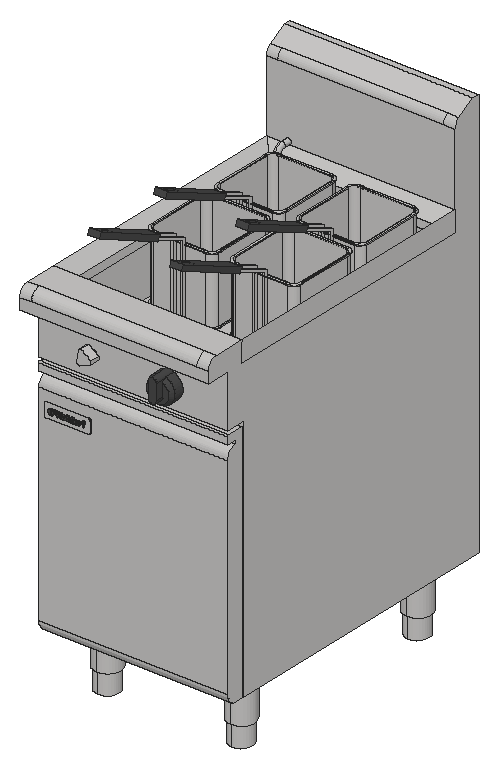
Revit family "QF_MOFFAT WALDORF_PC8140G", category Specialty Equipment, Revit 2012
Parameters
  Weight in Pounds = 180.7788  # constant formula
  Width [instance] = 17.71654"  # constant formula
  URL Cutsheet = "www.moffat.com"
  URL = "www.moffat.com"
  Type Mark [instance] = ""
  Status [instance] = ""
  Show 4 Basket [instance] = not(Show Rectangular Basket)  # yes
  Specification by User [instance] = ""
  Specification by Manufacturer = ""
  Show Rectangular Basket [instance] = no
  Show Logo [instance] = yes
  Show Clearance [instance] = yes
  Show Casters [instance] = no
  Serial Number = ""
  Seismic Rating = ""
  SMACNA No = ""
  Revision Code [instance] = ""
  Omniclass Number and Title = ""
  NAFEM Spec ID Number = ""
  Model = "PC8140G"
  Mechanical Remarks = ""
  Masterspec = ""
  Manufacturer = "MOFFAT WALDORF"
  Legs [instance] = not(Show Casters)  # yes
  Item Number [instance] = ""
  Installed By [instance] = ""
  Indirect Waste Size = 1"
  Identify Quantity as Lot [instance] = yes
  Height = 44.48819"  # constant formula
  Gas Size = 3/4"
  Gas RI Height = 0"
  Gas KW = 13
  Gas Input = 44547.0 Btu/h
  Gas Connection Height = 0"
  Furnished By [instance] = ""
  Foodservice Equipment Identifier [instance] = yes
  Description = "PASTA COOKER GAS SINGLE PAN"
  Depth [instance] = 31.69291"  # constant formula
  Cold Water Temperature Recommended = -459.67 °F
  Cold Water Size = 1/2"
  Cold Water RI Height = 0"
  Cold Water Minimum Pressure = 0.00 psi
  Cold Water Maximum Pressure = 0.00 psi
  Cold Water Flow = 0 GPM
  Cold Water Consumption = ""
  Cold Water Connection Height = 0"
  CSI MasterFormat = ""
  CSI Master Format = ""
  Body Finish = QF_Finishes_Stainless Steel
  Back Splash [instance] = 2.24409"  # constant formula
  2 Basket [instance] = yes
Reference planes (in)
  plane 1 "BACK": y = 0
  plane 2: z = 0
  plane 3 "LEFT": x = 0
  plane 4 "RIGHT": x = 17.71654
  plane 5 "FRONT": y = -31.69291
  plane 6 "TOP": z = 44.48819
  plane 7 "Center Y": x = 8.85827
  plane 8 "Center X": y = -15.84646
  plane 9 "Base Height": z = 5.94488
  plane 10: z = 36.02362
  plane 11: y = -24.6063
  plane 12: y = -3.93701
  plane 13: x = 1.9685
  plane 14: y = -21.88976
  plane 15: y = -18.50394
  plane 16: x = 4.64567
Forms (in)
  Extrusion 1, solid, material "QF_Finishes_Stainless Steel"
    sketch origin (0, 0, 0) x (0, 1, 0) y (0, 0, 1)
      loop
        line (-27.61811, 29.13386) -> (-27.61811, 5.94488) -> (0, 5.94488) -> (0, 44.48819) -> (-0.64961, 44.48819) -> (-2.28346, 43.54488)
        arc (-2.28346, 43.54488) -> (-2.62932, 43.19903) -> (-2.75591, 42.72659) r 0.94488
        line (-2.75591, 42.72659) -> (-2.75591, 34.09449) -> (-27.76378, 34.09449) -> (-27.76378, 36.02362) -> (-30.74803, 36.02362)
        arc (-30.74803, 36.02362) -> (-31.41616, 35.74687) -> (-31.69291, 35.07874) r 0.94488
        line (-31.69291, 35.07874) -> (-31.69291, 34.09449) -> (-29.48819, 34.09449) -> (-29.48819, 29.13386) -> (-27.61811, 29.13386)
    from 0 to 1.07874
  Revolve 2, solid, material "QF_Finishes_Stainless Steel" <- "Body Finish", visible <- "Legs"
    sketch origin (2.55906, -6.49606, 0) x (0, 1, 0) y (0, 0, 1)
      loop
        line (1.30906, 5.94488) -> (1.30906, 1.9685) -> (1.47638, 1.9685) -> (1.47638, 0) -> (2.55906, 0) -> (2.55906, 5.94488) -> (1.30906, 5.94488)
      axis (2.55906, 5.94488) -> (2.55906, 0)
    angle from 0 to 360
  Revolve 3, solid, material "QF_Finishes_Stainless Steel" <- "Body Finish"
    sketch origin (2.55906, -28.93701, 0) x (0, 1, 0) y (0, 0, 1)
      loop
        line (3.08071, 5.94488) -> (3.08071, 1.9685) -> (3.24803, 1.9685) -> (3.24803, 0) -> (4.33071, 0) -> (4.33071, 5.94488) -> (3.08071, 5.94488)
      axis (4.33071, 5.94488) -> (4.33071, 0)
    angle from 0 to 360
  Revolve 4, solid, material "QF_Finishes_Stainless Steel" <- "Body Finish", visible <- "Legs"
    sketch origin (15.11811, -6.49606, 0) x (0, 1, 0) y (0, 0, -1)
      loop
        line (1.30906, -5.94488) -> (2.55906, -5.94488) -> (2.55906, 0) -> (1.47638, 0) -> (1.47638, -1.9685) -> (1.30906, -1.9685) -> (1.30906, -5.94488)
      axis (2.55906, -5.94488) -> (2.55906, 0)
    angle from 0 to 360
  Revolve 5, solid, material "QF_Finishes_Stainless Steel" <- "Body Finish"
    sketch origin (15.11811, -28.93701, 0) x (0, 1, 0) y (0, 0, -1)
      loop
        line (3.08071, -5.94488) -> (4.33071, -5.94488) -> (4.33071, 0) -> (3.24803, 0) -> (3.24803, -1.9685) -> (3.08071, -1.9685) -> (3.08071, -5.94488)
      axis (4.33071, -5.94488) -> (4.33071, 0)
    angle from 0 to 360
  Extrusion 6, solid, material "QF_Finishes_Stainless Steel" <- "Body Finish"
    sketch origin (0, 0, 0) x (0, 1, 0) y (0, 0, 1)
      loop
        line (-29.45472, 28.65551) -> (-29.45472, 27.96457) -> (-28.50197, 27.96457) -> (-28.50197, 27.57677)
        arc (-28.50197, 27.57677) -> (-29.1701, 27.30002) -> (-29.44685, 26.63189) r 0.94488
        line (-29.44685, 26.63189) -> (-29.44685, 6.88976)
        arc (-29.44685, 6.88976) -> (-29.1701, 6.22163) -> (-28.50197, 5.94488) r 0.94488
        line (-28.50197, 5.94488) -> (-27.76378, 5.94488) -> (-27.76378, 28.75197) -> (-29.35827, 28.75197)
        arc (-29.35827, 28.75197) -> (-29.42647, 28.72372) -> (-29.45472, 28.65551) r 0.09646
    from 0 to 17.71654
  Extrusion 7, solid, material "QF_Door-Drawer Clearances", visible <- "Show Clearance", detail levels coarse
    sketch origin (1.26722, -27.76378, 5.94488) x (-1, 0, 0) y (0, 1, 0)
      loop
        line (1.26722, -1.72441) -> (-16.42339, -1.72441)
        arc (-16.42339, -1.72441) -> (-11.05258, -13.71381) -> (1.26722, -18.27603) r 16.96879
        line (1.26722, -18.27603) -> (1.26722, -1.72441)
    from 0 to -22.84646
  Extrusion 8, solid, material "QF_Finishes_Stainless Steel"
    sketch origin (17.71654, -6.69802, 0) x (0, -1, 0) y (0, 0, 1)
      loop
        line (20.92009, 29.13386) -> (22.79017, 29.13386) -> (22.79017, 34.09449) -> (24.99489, 34.09449) -> (24.99489, 35.07874)
        arc (24.99489, 35.07874) -> (24.71814, 35.74687) -> (24.05001, 36.02362) r 0.94488
        line (24.05001, 36.02362) -> (21.06576, 36.02362) -> (21.06576, 34.09449) -> (-3.94211, 34.09449) -> (-3.94211, 42.72659)
        arc (-3.94211, 42.72659) -> (-4.0687, 43.19903) -> (-4.41455, 43.54488) r 0.94488
        line (-4.41455, 43.54488) -> (-6.04841, 44.48819) -> (-6.69802, 44.48819) -> (-6.69802, 5.94488) -> (20.92009, 5.94488) -> (20.92009, 29.13386)
    from 0 to 1.07874
  Extrusion 9, solid, material "QF_Finishes_Stainless Steel"
    sketch origin (0, 0, 0) x (0, 1, 0) y (0, 0, 1)
      loop
        line (-29.48819, 34.09449) -> (-29.48819, 29.13386) -> (-27.61811, 29.13386) -> (-27.61811, 5.94488) -> (0, 5.94488) -> (0, 44.48819) -> (-0.64961, 44.48819) -> (-2.28346, 43.54488)
        arc (-2.28346, 43.54488) -> (-2.62932, 43.19903) -> (-2.75591, 42.72659) r 0.94488
        line (-2.75591, 42.72659) -> (-2.75591, 34.09449) -> (-3.83465, 34.09449) -> (-3.83465, 29.52756) -> (-19.72441, 29.52756) -> (-27.76378, 34.12545) -> (-27.76378, 36.02362) -> (-30.74803, 36.02362)
        arc (-30.74803, 36.02362) -> (-31.41616, 35.74687) -> (-31.69291, 35.07874) r 0.94488
        line (-31.69291, 35.07874) -> (-31.69291, 34.09449) -> (-29.48819, 34.09449)
    from 1.07874 to 16.6378
  Sweep 10, solid, material "QF_Finishes_Stainless Steel"
    path origin (0, 0, 0) x (0, 1, 0) y (0, 0, 1)
      loop
        line (-2.75591, 36.24508) -> (-3.46082, 36.24508)
        arc (-3.46082, 36.24508) -> (-3.78655, 36.15723) -> (-4.02392, 35.9175) r 0.64776
    profile origin (0, -3.10836, 36.24508) x (0, 0, -1) y (1, 0, 0)
      loop
        circle (0, 2.04049) r 0.25
  Extrusion 11, solid, material "QF_Finishes_Stainless Steel"
    sketch origin (-6.5527, -34.31613, 5.94488) x (1, 0, 0) y (0, -1, 0)
      loop
        circle (8.52366, -12.42637) r 0.25
    from 0 to 0.07874
  Extrusion 12, solid, material "QF_Finishes_Stainless Steel"
    sketch origin (-1.0778, -23.89907, 5.94488) x (1, 0, 0) y (0, -1, 0)
      loop
        circle (7.06206, -22.48201) r 0.3752
    from 0 to 1.06299
  Extrusion 13, solid, material "QF_Finishes_Stainless Steel"
    sketch origin (3.9124, 0, 3.66676) x (0, 0, 1) y (1, 0, 0)
      loop
        circle (17.00253, 6.3195) r 0.5315
    from 0 to 0.11811
  Revolve 14, solid, material "QF_Finishes_Black"
    sketch origin (12.55906, 0, 23.61706) x (0, 1, 0) y (0, 0, -1)
      loop
        line (-30.7874, -9.03543) -> (-29.88189, -9.03543) -> (-29.88189, -7.95276) -> (-29.48819, -7.95276) -> (-29.48819, -7.75591) -> (-31.22047, -7.75591) -> (-31.22047, -8.80517) -> (-30.7874, -9.03543)
      axis (-31.22047, -7.75591) -> (-29.48819, -7.75591)
    angle from 0 to 360
  Extrusion 15, solid, material "QF_Finishes_Black"
    sketch origin (18.00274, 0, 23.62328) x (-1, 0, 0) y (0, 0, -1)
      loop
        arc (5.83784, -7.40294) -> (5.44414, -7.00924) -> (5.05044, -7.40294) r 0.3937
        line (5.05044, -7.40294) -> (5.05044, -8.7783)
        arc (5.05044, -8.7783) -> (5.44414, -9.172) -> (5.83784, -8.7783) r 0.3937
        line (5.83784, -8.7783) -> (5.83784, -7.40294)
    from 29.88189 to 31.81102
  Extrusion 16, solid, material "QF_Finishes_Stainless Steel"
    sketch origin (0.89839, -29.88189, 34.09449) x (0, 0, -1) y (1, 0, 0)
      loop
        line (3.40751, 4.01287) -> (2.93454, 5.04462) -> (2.65853, 5.07058) -> (1.97378, 4.14087) -> (2.10022, 3.86503) -> (3.22099, 3.75963) -> (3.40751, 4.01287)
    from 0 to 0.90551
  Sweep 17, solid, material "QF_Finishes_Stainless Steel"
    path in 3D
      loop
        line (0, -27.76378, 34.09449) -> (0, -2.75591, 34.09449) -> (17.71654, -2.75591, 34.09449) -> (17.71654, -27.76378, 34.09449)
    profile origin (0, -15.25984, 34.09449) x (-1, 0, 0) y (0, 0, 1)
      loop
        line (0, 1.92913) -> (-1.07874, 0.71668) -> (-1.07874, 0) -> (0, 0) -> (0, 1.92913)
  Extrusion 18, solid, material "QF_Finishes_Stainless Steel"
    sketch origin (1.1565, -29.27181, 5.94488) x (1, 0, 0) y (0, -1, 0)
      loop
        circle (3.48614, -10.76787) r 0.5
    from 0 to 0.07874
  Extrusion 19, solid, material "QF_Finishes_Stainless Steel"
    sketch origin (0, -29.48819, 34.09449) x (0, 0, -1) y (1, 0, 0)
      loop
        circle (2.73772, 5.19585) r 0.19685
    from 0 to 0.3937
Cuts and joins
  joined: Extrusion 1, Extrusion 8, Extrusion 9
Lines and regions (in)
  Split face 1
    outline origin (17.0315, -20.23704, 29.82075) x (-1, 0, 0) y (0, -0.868059, 0.496462)
      loop
        circle (14.07874, 1.1912) r 0.29528
  Split face 2
    outline origin (17.0315, -20.23704, 29.82075) x (-1, 0, 0) y (0, -0.868059, 0.496462)
      loop
        circle (14.07874, 3.55341) r 0.29528
  Split face 3
    outline origin (17.0315, -20.23704, 29.82075) x (-1, 0, 0) y (0, -0.868059, 0.496462)
      loop
        circle (14.07874, 5.91561) r 0.29528
  Split face 4
    outline origin (17.0315, -19.72441, 29.52756) x (-1, 0, 0) y (0, -0.868059, 0.496462)
      loop
        circle (12.11024, 1.78175) r 0.29528
  Split face 5
    outline origin (17.0315, -19.72441, 29.52756) x (-1, 0, 0) y (0, -0.868059, 0.496462)
      loop
        circle (12.11024, 4.14396) r 0.29528
  Split face 6
    outline origin (17.0315, -19.72441, 29.52756) x (-1, 0, 0) y (0, -0.868059, 0.496462)
      loop
        circle (12.11024, 6.50616) r 0.29528
  Split face 7
    outline origin (17.0315, -19.72441, 29.52756) x (-1, 0, 0) y (0, -0.868059, 0.496462)
      loop
        circle (10.14173, 1.78175) r 0.29528
  Split face 8
    outline origin (17.0315, -19.72441, 29.52756) x (-1, 0, 0) y (0, -0.868059, 0.496462)
      loop
        circle (10.14173, 4.14396) r 0.29528
  Split face 9
    outline origin (17.0315, -19.72441, 29.52756) x (-1, 0, 0) y (0, -0.868059, 0.496462)
      loop
        circle (10.14173, 6.50616) r 0.29528
  Split face 10
    outline origin (17.0315, -19.72441, 29.52756) x (-1, 0, 0) y (0, -0.868059, 0.496462)
      loop
        circle (8.17323, 1.78175) r 0.29528
  Split face 11
    outline origin (17.0315, -19.72441, 29.52756) x (-1, 0, 0) y (0, -0.868059, 0.496462)
      loop
        circle (8.17323, 4.14396) r 0.29528
  Split face 12
    outline origin (17.0315, -19.72441, 29.52756) x (-1, 0, 0) y (0, -0.868059, 0.496462)
      loop
        circle (8.17323, 6.50616) r 0.29528
  Split face 13
    outline origin (17.0315, -19.72441, 29.52756) x (-1, 0, 0) y (0, -0.868059, 0.496462)
      loop
        circle (6.20472, 1.78175) r 0.29528
  Split face 14
    outline origin (17.0315, -19.72441, 29.52756) x (-1, 0, 0) y (0, -0.868059, 0.496462)
      loop
        circle (6.20472, 4.14396) r 0.29528
  Split face 15
    outline origin (17.0315, -19.72441, 29.52756) x (-1, 0, 0) y (0, -0.868059, 0.496462)
      loop
        circle (6.20472, 6.50616) r 0.29528
  Split face 16
    outline origin (17.0315, -19.72441, 29.52756) x (-1, 0, 0) y (0, -0.868059, 0.496462)
      loop
        circle (4.23622, 1.78175) r 0.29528
  Split face 17
    outline origin (17.0315, -19.72441, 29.52756) x (-1, 0, 0) y (0, -0.868059, 0.496462)
      loop
        circle (4.23622, 4.14396) r 0.29528
  Split face 18
    outline origin (17.0315, -19.72441, 29.52756) x (-1, 0, 0) y (0, -0.868059, 0.496462)
      loop
        circle (4.23622, 6.50616) r 0.29528
  Split face 19
    outline origin (17.0315, -19.72441, 29.52756) x (-1, 0, 0) y (0, -0.868059, 0.496462)
      loop
        circle (2.26772, 1.78175) r 0.29528
  Split face 20
    outline origin (17.0315, -19.72441, 29.52756) x (-1, 0, 0) y (0, -0.868059, 0.496462)
      loop
        circle (2.26772, 4.14396) r 0.29528
  Split face 21
    outline origin (17.0315, -19.72441, 29.52756) x (-1, 0, 0) y (0, -0.868059, 0.496462)
      loop
        circle (2.26772, 6.50616) r 0.29528
  Split face 22
    outline origin (16.6378, -0.64961, 44.48819) x (-1, 0, 0) y (0, -0.866025, -0.5)
      loop
        line (13.69908, 1.72992) -> (13.69908, 0.19183) -> (14.48649, 0.19183) -> (14.48649, 1.72992) -> (13.69908, 1.72992)
  Split face 23
    outline origin (16.6378, -0.64961, 44.48819) x (-1, 0, 0) y (0, -0.866025, -0.5)
      loop
        line (12.32113, 0.19183) -> (12.32113, 1.73207) -> (11.53373, 1.73207) -> (11.53373, 0.19183) -> (12.32113, 0.19183)
  Split face 24
    outline origin (16.6378, -0.64961, 44.48819) x (-1, 0, 0) y (0, -0.866025, -0.5)
      loop
        line (10.15578, 0.19183) -> (10.15578, 1.7326) -> (9.36838, 1.7326) -> (9.36838, 0.19183) -> (10.15578, 0.19183)
  Split face 25
    outline origin (16.6378, -0.64961, 44.48819) x (-1, 0, 0) y (0, -0.866025, -0.5)
      loop
        line (8.18727, 0.19183) -> (8.18727, 1.7326) -> (7.39987, 1.7326) -> (7.39987, 0.19183) -> (8.18727, 0.19183)
  Split face 26
    outline origin (16.6378, -0.64961, 44.48819) x (-1, 0, 0) y (0, -0.866025, -0.5)
      loop
        line (6.21877, 0.19183) -> (6.21877, 1.7326) -> (5.43137, 1.7326) -> (5.43137, 0.19183) -> (6.21877, 0.19183)
  Split face 27
    outline origin (16.6378, -0.64961, 44.48819) x (-1, 0, 0) y (0, -0.866025, -0.5)
      loop
        line (4.2494, 0.19183) -> (4.2494, 1.7326) -> (3.4647, 1.7326) -> (3.4647, 0.19183) -> (4.2494, 0.19183)
  Split face 28
    outline origin (16.6378, -0.64961, 44.48819) x (-1, 0, 0) y (0, -0.866025, -0.5)
      loop
        line (2.28176, 0.19183) -> (2.28176, 1.73207) -> (1.49436, 1.73207) -> (1.49436, 0.19183) -> (2.28176, 0.19183)
  symbolic lines
    curve 1: line (0, 0, 0) -> (0, -31.69291, 0)
    curve 2: line (17.71654, 0, 0) -> (0, 0, 0)
    curve 3: line (17.71654, -31.69291, 0) -> (17.71654, 0, 0)
    curve 4: line (0, -2.75591, 0) -> (17.71654, -2.75591, 0)
    curve 5: line (0, -31.69291, 0) -> (17.71654, -31.69291, 0)
    curve 8: line (1.07874, -3.77953, 0) -> (16.6378, -3.77953, 0)
    curve 9: line (1.07874, -3.77953, 0) -> (0, -2.75591, 0)
    curve 10: line (1.07874, -27.76378, 0) -> (1.07874, -3.77953, 0)
    curve 11: line (17.71654, -2.75591, 0) -> (16.6378, -3.77953, 0)
    curve 12: line (16.6378, -3.77953, 0) -> (16.6378, -27.76378, 0)
    curve 13: line (1.07874, -19.72441, 0) -> (4.4252, -19.72441, 0)
    curve 14: line (17.71654, -27.76378, 0) -> (0, -27.76378, 0)
    curve 15: line (5.6063, -19.72441, 0) -> (12.11024, -19.72441, 0)
    curve 16: line (13.29134, -19.72441, 0) -> (16.6378, -19.72441, 0)
    curve 17: line (2.93871, -2.15024, 0) -> (2.15131, -2.15024, 0)
    curve 18: line (2.15131, -2.15024, 0) -> (2.15131, -0.81527, 0)
    curve 19: line (2.15131, -0.81527, 0) -> (2.93871, -0.81527, 0)
    curve 20: line (2.93871, -0.81527, 0) -> (2.93871, -2.15024, 0)
    curve 21: line (4.31666, -2.15024, 0) -> (5.10406, -2.15024, 0)
    curve 22: line (5.10406, -2.15024, 0) -> (5.10406, -0.81527, 0)
    curve 23: line (5.10406, -0.81527, 0) -> (4.31666, -0.81527, 0)
    curve 24: line (4.31666, -0.81527, 0) -> (4.31666, -2.15024, 0)
    curve 25: line (6.48202, -2.15024, 0) -> (7.26942, -2.15024, 0)
    curve 26: line (7.26942, -2.15024, 0) -> (7.26942, -0.81527, 0)
    curve 27: line (7.26942, -0.81527, 0) -> (6.48202, -0.81527, 0)
    curve 28: line (6.48202, -0.81527, 0) -> (6.48202, -2.15024, 0)
    curve 29: line (8.45052, -2.15024, 0) -> (9.23792, -2.15024, 0)
    curve 30: line (9.23792, -2.15024, 0) -> (9.23792, -0.81527, 0)
    curve 31: line (9.23792, -0.81527, 0) -> (8.45052, -0.81527, 0)
    curve 32: line (8.45052, -0.81527, 0) -> (8.45052, -2.15024, 0)
    curve 33: line (11.20643, -2.15024, 0) -> (10.41903, -2.15024, 0)
    curve 34: line (10.41903, -2.15024, 0) -> (10.41903, -0.81527, 0)
    curve 35: line (10.41903, -0.81527, 0) -> (11.20643, -0.81527, 0)
    curve 36: line (11.20643, -0.81527, 0) -> (11.20643, -2.15024, 0)
    curve 37: line (13.17493, -2.15024, 0) -> (12.38753, -2.15024, 0)
    curve 38: line (12.38753, -2.15024, 0) -> (12.38753, -0.81527, 0)
    curve 39: line (12.38753, -0.81527, 0) -> (13.17493, -0.81527, 0)
    curve 40: line (13.17493, -0.81527, 0) -> (13.17493, -2.15024, 0)
    curve 41: line (15.14343, -2.15024, 0) -> (14.35603, -2.15024, 0)
    curve 42: line (14.35603, -2.15024, 0) -> (14.35603, -0.81527, 0)
    curve 43: line (14.35603, -0.81527, 0) -> (15.14343, -0.81527, 0)
    curve 44: line (15.14343, -0.81527, 0) -> (15.14343, -2.15024, 0)
    curve 45: spline (3.24803, -21.27108, 0) -> (3.23797, -21.33741, 0) -> (3.20847, -21.39923, 0) -> (3.16155, -21.45232, 0) -> (3.10039, -21.49305, 0) -> (3.02918, -21.51866, 0) -> (2.95276, -21.52739, 0) -> (2.87633, -21.51866, 0) -> (2.80512, -21.49305, 0) -> (2.74396, -21.45232, 0) -> (2.69704, -21.39923, 0) -> (2.66754, -21.33741, 0) -> (2.65748, -21.27108, 0)
    curve 46: spline (2.65748, -21.27108, 0) -> (2.66754, -21.20474, 0) -> (2.69704, -21.14292, 0) -> (2.74396, -21.08983, 0) -> (2.80512, -21.0491, 0) -> (2.87633, -21.02349, 0) -> (2.95276, -21.01476, 0) -> (3.02918, -21.02349, 0) -> (3.10039, -21.0491, 0) -> (3.16155, -21.08983, 0) -> (3.20847, -21.14292, 0) -> (3.23797, -21.20474, 0) -> (3.24803, -21.27108, 0)
    curve 47: spline (3.24803, -23.32161, 0) -> (3.23797, -23.38795, 0) -> (3.20847, -23.44977, 0) -> (3.16155, -23.50285, 0) -> (3.10039, -23.54358, 0) -> (3.02918, -23.56919, 0) -> (2.95276, -23.57792, 0) -> (2.87633, -23.56919, 0) -> (2.80512, -23.54358, 0) -> (2.74396, -23.50285, 0) -> (2.69704, -23.44977, 0) -> (2.66754, -23.38795, 0) -> (2.65748, -23.32161, 0)
    curve 48: spline (2.65748, -23.32161, 0) -> (2.66754, -23.25527, 0) -> (2.69704, -23.19345, 0) -> (2.74396, -23.14036, 0) -> (2.80512, -23.09963, 0) -> (2.87633, -23.07402, 0) -> (2.95276, -23.06529, 0) -> (3.02918, -23.07402, 0) -> (3.10039, -23.09963, 0) -> (3.16155, -23.14036, 0) -> (3.20847, -23.19345, 0) -> (3.23797, -23.25527, 0) -> (3.24803, -23.32161, 0)
    curve 49: spline (3.24803, -25.37214, 0) -> (3.23797, -25.43848, 0) -> (3.20847, -25.5003, 0) -> (3.16155, -25.55338, 0) -> (3.10039, -25.59412, 0) -> (3.02918, -25.61972, 0) -> (2.95276, -25.62846, 0) -> (2.87633, -25.61972, 0) -> (2.80512, -25.59412, 0) -> (2.74396, -25.55338, 0) -> (2.69704, -25.5003, 0) -> (2.66754, -25.43848, 0) -> (2.65748, -25.37214, 0)
    curve 50: spline (2.65748, -25.37214, 0) -> (2.66754, -25.3058, 0) -> (2.69704, -25.24398, 0) -> (2.74396, -25.1909, 0) -> (2.80512, -25.15016, 0) -> (2.87633, -25.12456, 0) -> (2.95276, -25.11582, 0) -> (3.02918, -25.12456, 0) -> (3.10039, -25.15016, 0) -> (3.16155, -25.1909, 0) -> (3.20847, -25.24398, 0) -> (3.23797, -25.3058, 0) -> (3.24803, -25.37214, 0)
    curve 51: spline (6.59449, -21.27108, 0) -> (6.60455, -21.33741, 0) -> (6.63405, -21.39923, 0) -> (6.68097, -21.45232, 0) -> (6.74213, -21.49305, 0) -> (6.81334, -21.51866, 0) -> (6.88976, -21.52739, 0) -> (6.96619, -21.51866, 0) -> (7.0374, -21.49305, 0) -> (7.09856, -21.45232, 0) -> (7.14548, -21.39923, 0) -> (7.17498, -21.33741, 0) -> (7.18504, -21.27108, 0)
    curve 52: spline (7.18504, -21.27108, 0) -> (7.17498, -21.20474, 0) -> (7.14548, -21.14292, 0) -> (7.09856, -21.08983, 0) -> (7.0374, -21.0491, 0) -> (6.96619, -21.02349, 0) -> (6.88976, -21.01476, 0) -> (6.81334, -21.02349, 0) -> (6.74213, -21.0491, 0) -> (6.68097, -21.08983, 0) -> (6.63405, -21.14292, 0) -> (6.60455, -21.20474, 0) -> (6.59449, -21.27108, 0)
    curve 53: spline (7.18504, -23.32161, 0) -> (7.17498, -23.38795, 0) -> (7.14548, -23.44977, 0) -> (7.09856, -23.50285, 0) -> (7.0374, -23.54358, 0) -> (6.96619, -23.56919, 0) -> (6.88976, -23.57792, 0) -> (6.81334, -23.56919, 0) -> (6.74213, -23.54358, 0) -> (6.68097, -23.50285, 0) -> (6.63405, -23.44977, 0) -> (6.60455, -23.38795, 0) -> (6.59449, -23.32161, 0)
    curve 54: spline (6.59449, -23.32161, 0) -> (6.60455, -23.25527, 0) -> (6.63405, -23.19345, 0) -> (6.68097, -23.14036, 0) -> (6.74213, -23.09963, 0) -> (6.81334, -23.07402, 0) -> (6.88976, -23.06529, 0) -> (6.96619, -23.07402, 0) -> (7.0374, -23.09963, 0) -> (7.09856, -23.14036, 0) -> (7.14548, -23.19345, 0) -> (7.17498, -23.25527, 0) -> (7.18504, -23.32161, 0)
    curve 55: spline (6.59449, -25.37214, 0) -> (6.60455, -25.43848, 0) -> (6.63405, -25.5003, 0) -> (6.68097, -25.55338, 0) -> (6.74213, -25.59412, 0) -> (6.81334, -25.61972, 0) -> (6.88976, -25.62846, 0) -> (6.96619, -25.61972, 0) -> (7.0374, -25.59412, 0) -> (7.09856, -25.55338, 0) -> (7.14548, -25.5003, 0) -> (7.17498, -25.43848, 0) -> (7.18504, -25.37214, 0)
    curve 56: spline (7.18504, -25.37214, 0) -> (7.17498, -25.3058, 0) -> (7.14548, -25.24398, 0) -> (7.09856, -25.1909, 0) -> (7.0374, -25.15016, 0) -> (6.96619, -25.12456, 0) -> (6.88976, -25.11582, 0) -> (6.81334, -25.12456, 0) -> (6.74213, -25.15016, 0) -> (6.68097, -25.1909, 0) -> (6.63405, -25.24398, 0) -> (6.60455, -25.3058, 0) -> (6.59449, -25.37214, 0)
    curve 57: spline (9.15354, -21.27108, 0) -> (9.14348, -21.33741, 0) -> (9.11398, -21.39923, 0) -> (9.06706, -21.45232, 0) -> (9.00591, -21.49305, 0) -> (8.93469, -21.51866, 0) -> (8.85827, -21.52739, 0) -> (8.78184, -21.51866, 0) -> (8.71063, -21.49305, 0) -> (8.64948, -21.45232, 0) -> (8.60255, -21.39923, 0) -> (8.57305, -21.33741, 0) -> (8.56299, -21.27108, 0)
    curve 58: spline (8.56299, -21.27108, 0) -> (8.57305, -21.20474, 0) -> (8.60255, -21.14292, 0) -> (8.64948, -21.08983, 0) -> (8.71063, -21.0491, 0) -> (8.78184, -21.02349, 0) -> (8.85827, -21.01476, 0) -> (8.93469, -21.02349, 0) -> (9.00591, -21.0491, 0) -> (9.06706, -21.08983, 0) -> (9.11398, -21.14292, 0) -> (9.14348, -21.20474, 0) -> (9.15354, -21.27108, 0)
    curve 59: spline (9.15354, -23.32161, 0) -> (9.14348, -23.38795, 0) -> (9.11398, -23.44977, 0) -> (9.06706, -23.50285, 0) -> (9.00591, -23.54358, 0) -> (8.93469, -23.56919, 0) -> (8.85827, -23.57792, 0) -> (8.78184, -23.56919, 0) -> (8.71063, -23.54358, 0) -> (8.64948, -23.50285, 0) -> (8.60255, -23.44977, 0) -> (8.57305, -23.38795, 0) -> (8.56299, -23.32161, 0)
    curve 60: spline (8.56299, -23.32161, 0) -> (8.57305, -23.25527, 0) -> (8.60255, -23.19345, 0) -> (8.64948, -23.14036, 0) -> (8.71063, -23.09963, 0) -> (8.78184, -23.07402, 0) -> (8.85827, -23.06529, 0) -> (8.93469, -23.07402, 0) -> (9.00591, -23.09963, 0) -> (9.06706, -23.14036, 0) -> (9.11398, -23.19345, 0) -> (9.14348, -23.25527, 0) -> (9.15354, -23.32161, 0)
    curve 61: spline (9.15354, -25.37214, 0) -> (9.14348, -25.43848, 0) -> (9.11398, -25.5003, 0) -> (9.06706, -25.55338, 0) -> (9.00591, -25.59412, 0) -> (8.93469, -25.61972, 0) -> (8.85827, -25.62846, 0) -> (8.78184, -25.61972, 0) -> (8.71063, -25.59412, 0) -> (8.64948, -25.55338, 0) -> (8.60255, -25.5003, 0) -> (8.57305, -25.43848, 0) -> (8.56299, -25.37214, 0)
    curve 62: spline (8.56299, -25.37214, 0) -> (8.57305, -25.3058, 0) -> (8.60255, -25.24398, 0) -> (8.64948, -25.1909, 0) -> (8.71063, -25.15016, 0) -> (8.78184, -25.12456, 0) -> (8.85827, -25.11582, 0) -> (8.93469, -25.12456, 0) -> (9.00591, -25.15016, 0) -> (9.06706, -25.1909, 0) -> (9.11398, -25.24398, 0) -> (9.14348, -25.3058, 0) -> (9.15354, -25.37214, 0)
    curve 63: spline (11.12205, -25.37214, 0) -> (11.11199, -25.43848, 0) -> (11.08249, -25.5003, 0) -> (11.03556, -25.55338, 0) -> (10.97441, -25.59412, 0) -> (10.90319, -25.61972, 0) -> (10.82677, -25.62846, 0) -> (10.75035, -25.61972, 0) -> (10.67913, -25.59412, 0) -> (10.61798, -25.55338, 0) -> (10.57106, -25.5003, 0) -> (10.54156, -25.43848, 0) -> (10.5315, -25.37214, 0)
    curve 64: spline (10.5315, -25.37214, 0) -> (10.54156, -25.3058, 0) -> (10.57106, -25.24398, 0) -> (10.61798, -25.1909, 0) -> (10.67913, -25.15016, 0) -> (10.75035, -25.12456, 0) -> (10.82677, -25.11582, 0) -> (10.90319, -25.12456, 0) -> (10.97441, -25.15016, 0) -> (11.03556, -25.1909, 0) -> (11.08249, -25.24398, 0) -> (11.11199, -25.3058, 0) -> (11.12205, -25.37214, 0)
    curve 65: spline (11.12205, -23.32161, 0) -> (11.11199, -23.38795, 0) -> (11.08249, -23.44977, 0) -> (11.03556, -23.50285, 0) -> (10.97441, -23.54358, 0) -> (10.90319, -23.56919, 0) -> (10.82677, -23.57792, 0) -> (10.75035, -23.56919, 0) -> (10.67913, -23.54358, 0) -> (10.61798, -23.50285, 0) -> (10.57106, -23.44977, 0) -> (10.54156, -23.38795, 0) -> (10.5315, -23.32161, 0)
    curve 66: spline (10.5315, -23.32161, 0) -> (10.54156, -23.25527, 0) -> (10.57106, -23.19345, 0) -> (10.61798, -23.14036, 0) -> (10.67913, -23.09963, 0) -> (10.75035, -23.07402, 0) -> (10.82677, -23.06529, 0) -> (10.90319, -23.07402, 0) -> (10.97441, -23.09963, 0) -> (11.03556, -23.14036, 0) -> (11.08249, -23.19345, 0) -> (11.11199, -23.25527, 0) -> (11.12205, -23.32161, 0)
    curve 67: spline (10.5315, -21.27108, 0) -> (10.54156, -21.33741, 0) -> (10.57106, -21.39923, 0) -> (10.61798, -21.45232, 0) -> (10.67913, -21.49305, 0) -> (10.75035, -21.51866, 0) -> (10.82677, -21.52739, 0) -> (10.90319, -21.51866, 0) -> (10.97441, -21.49305, 0) -> (11.03556, -21.45232, 0) -> (11.08249, -21.39923, 0) -> (11.11199, -21.33741, 0) -> (11.12205, -21.27108, 0)
    curve 68: spline (11.12205, -21.27108, 0) -> (11.11199, -21.20474, 0) -> (11.08249, -21.14292, 0) -> (11.03556, -21.08983, 0) -> (10.97441, -21.0491, 0) -> (10.90319, -21.02349, 0) -> (10.82677, -21.01476, 0) -> (10.75035, -21.02349, 0) -> (10.67913, -21.0491, 0) -> (10.61798, -21.08983, 0) -> (10.57106, -21.14292, 0) -> (10.54156, -21.20474, 0) -> (10.5315, -21.27108, 0)
    curve 69: spline (15.05906, -21.27108, 0) -> (15.04899, -21.33741, 0) -> (15.0195, -21.39923, 0) -> (14.97257, -21.45232, 0) -> (14.91142, -21.49305, 0) -> (14.8402, -21.51866, 0) -> (14.76378, -21.52739, 0) -> (14.68736, -21.51866, 0) -> (14.61614, -21.49305, 0) -> (14.55499, -21.45232, 0) -> (14.50806, -21.39923, 0) -> (14.47857, -21.33741, 0) -> (14.4685, -21.27108, 0)
    curve 70: spline (14.4685, -21.27108, 0) -> (14.47857, -21.20474, 0) -> (14.50806, -21.14292, 0) -> (14.55499, -21.08983, 0) -> (14.61614, -21.0491, 0) -> (14.68736, -21.02349, 0) -> (14.76378, -21.01476, 0) -> (14.8402, -21.02349, 0) -> (14.91142, -21.0491, 0) -> (14.97257, -21.08983, 0) -> (15.0195, -21.14292, 0) -> (15.04899, -21.20474, 0) -> (15.05906, -21.27108, 0)
    curve 71: spline (15.05906, -23.32161, 0) -> (15.04899, -23.38795, 0) -> (15.0195, -23.44977, 0) -> (14.97257, -23.50285, 0) -> (14.91142, -23.54358, 0) -> (14.8402, -23.56919, 0) -> (14.76378, -23.57792, 0) -> (14.68736, -23.56919, 0) -> (14.61614, -23.54358, 0) -> (14.55499, -23.50285, 0) -> (14.50806, -23.44977, 0) -> (14.47857, -23.38795, 0) -> (14.4685, -23.32161, 0)
    curve 72: spline (14.4685, -23.32161, 0) -> (14.47857, -23.25527, 0) -> (14.50806, -23.19345, 0) -> (14.55499, -23.14036, 0) -> (14.61614, -23.09963, 0) -> (14.68736, -23.07402, 0) -> (14.76378, -23.06529, 0) -> (14.8402, -23.07402, 0) -> (14.91142, -23.09963, 0) -> (14.97257, -23.14036, 0) -> (15.0195, -23.19345, 0) -> (15.04899, -23.25527, 0) -> (15.05906, -23.32161, 0)
    curve 73: spline (15.05906, -25.37214, 0) -> (15.04899, -25.43848, 0) -> (15.0195, -25.5003, 0) -> (14.97257, -25.55338, 0) -> (14.91142, -25.59412, 0) -> (14.8402, -25.61972, 0) -> (14.76378, -25.62846, 0) -> (14.68736, -25.61972, 0) -> (14.61614, -25.59412, 0) -> (14.55499, -25.55338, 0) -> (14.50806, -25.5003, 0) -> (14.47857, -25.43848, 0) -> (14.4685, -25.37214, 0)
    curve 74: spline (14.4685, -25.37214, 0) -> (14.47857, -25.3058, 0) -> (14.50806, -25.24398, 0) -> (14.55499, -25.1909, 0) -> (14.61614, -25.15016, 0) -> (14.68736, -25.12456, 0) -> (14.76378, -25.11582, 0) -> (14.8402, -25.12456, 0) -> (14.91142, -25.15016, 0) -> (14.97257, -25.1909, 0) -> (15.0195, -25.24398, 0) -> (15.04899, -25.3058, 0) -> (15.05906, -25.37214, 0)
    curve 75: line (16.6378, -19.72441, 0) -> (13.29134, -19.72441, 0)
  symbolic lines, style "QF_Door-Drawer Clearances"
    curve 6: arc (17.49401, -31.69291, 0) -> (15.79937, -36.88087, 0) -> (12.54547, -41.26253, 0) r 16.96879
    curve 7: line (2.37802, -31.69291, 0) -> (12.54547, -41.26253, 0)
  sketch lines
    curve 76: line (0, -27.76378, 34.09449) -> (0, -2.75591, 34.09449)
    curve 77: line (17.71654, -2.75591, 34.09449) -> (0, -2.75591, 34.09449)
    curve 78: line (17.71654, -2.75591, 34.09449) -> (17.71654, -27.76378, 34.09449)
Dimensions and locks (in)
  equal spacing: plane 3 "LEFT", plane 7 "Center Y", plane 4 "RIGHT"
  "Width": plane 3 "LEFT" to plane 4 "RIGHT"
  equal spacing: plane 5 "FRONT", plane 8 "Center X", plane 1 "BACK"
  "Depth": plane 5 "FRONT" to plane 1 "BACK"
  plane 10 to level = 36.02362"
  locked: plane 9 "Base Height" to level at 5.94488
  plane 6 "TOP" to plane 10 = 8.46457"
  plane 11 to plane 12 = 20.66929"
  "Height": plane 6 "TOP" to level
  plane 13 to plane 3 "LEFT" = 1.9685"
  plane 14 to plane 1 "BACK" = 21.88976"
  plane 15 to plane 1 "BACK" = 18.50394"
  plane 16 to plane 3 "LEFT" = 4.64567"
  aligned and locked: level to plane 2
Automatic sketch dimensions
  plane 1 "BACK" to curve 1 = 0"
  curve 1 to plane 3 "LEFT" = 0"
  plane 5 "FRONT" to curve 7 = 0"
  curve 59 to plane 7 "Center Y" = 0"
  curve 62 to plane 7 "Center Y" = 0"
  curve 58 to plane 7 "Center Y" = 0"
  curve 3 to plane 4 "RIGHT" = 0"
  plane 3 "LEFT" to curve 6 = 93/128"
  plane 3 "LEFT" to curve 10 = 1.07874"
  plane 3 "LEFT" to curve 18 = 2.15131"
  plane 3 "LEFT" to curve 7 = 2.37802"
  plane 3 "LEFT" to curve 48 = 2.65748"
  curve 50 to curve 47 = 0"
  curve 46 to curve 48 = 0"
  curve 17 to curve 20 = 0.7874"
  curve 45 to curve 46 = 0.29528"
  curve 48 to curve 47 = 0.29528"
  curve 49 to curve 49 = 0.29528"
  curve 17 to curve 24 = 1.37795"
  curve 45 to curve 13 = 1.17717"
  curve 49 to curve 14 = 14.4685"
  curve 21 to curve 21 = 0.7874"
  curve 13 to curve 15 = 1.1811"
  curve 22 to curve 28 = 1.37795"
  curve 54 to plane 7 "Center Y" = 2.26378"
  curve 55 to curve 53 = 0"
  curve 15 to curve 52 = 0.98819"
  curve 51 to curve 52 = 0.29528"
  curve 56 to curve 55 = 0.29528"
  curve 54 to curve 54 = 0.29528"
  curve 27 to curve 27 = 0.7874"
  curve 31 to plane 7 "Center Y" = 0.40775"
  curve 62 to plane 7 "Center Y" = 0.29528"
  curve 60 to plane 7 "Center Y" = 0.29528"
  curve 57 to plane 7 "Center Y" = 0.29528"
  plane 7 "Center Y" to curve 30 = 0.37966"
  curve 30 to curve 35 = 1.1811"
  curve 61 to curve 64 = 1.37795"
  curve 57 to curve 67 = 1.37795"
  curve 59 to curve 65 = 1.37795"
  curve 67 to curve 68 = 0.29528"
  curve 64 to curve 64 = 0.29528"
  curve 66 to curve 65 = 0.29528"
  curve 33 to curve 36 = 0.7874"
  curve 67 to curve 15 = 0.98819"
  curve 35 to curve 38 = 1.1811"
  plane 7 "Center Y" to curve 6 = 3.68721"
  curve 37 to curve 37 = 0.7874"
  curve 15 to curve 16 = 1.1811"
  curve 75 to curve 16 = 0"
  curve 39 to curve 42 = 1.1811"
  curve 16 to curve 69 = 1.17717"
  curve 74 to plane 11 = 0.76584"
  curve 72 to curve 69 = 0"
  curve 73 to curve 73 = 0.29528"
  curve 71 to curve 71 = 0.29528"
  curve 69 to curve 70 = 0.29528"
  curve 42 to curve 43 = 0.7874"
  plane 4 "RIGHT" to curve 6 = 0.22252"
  plane 5 "FRONT" to curve 7 = 9.56962"
  curve 64 to plane 11 = 0.76584"
  curve 62 to plane 11 = 0.76584"
  curve 56 to plane 11 = 0.76584"
  curve 50 to plane 11 = 0.76584"
  plane 11 to curve 54 = 1.28469"
  plane 11 to curve 66 = 1.28469"
  plane 11 to curve 71 = 1.28469"
  plane 11 to curve 48 = 1.28469"
  plane 11 to curve 60 = 1.28469"
  curve 13 to curve 15 = 0"
  curve 16 to curve 75 = 0"
  plane 12 to curve 4 = 1.1811"
  curve 11 to curve 4 = 0"
  curve 9 to curve 4 = 0"
  Extrusion 1 sketch curve to plane 5 "FRONT" = 0"
  Extrusion 1 sketch curve to plane 10 = 0"
  Extrusion 1 sketch curve to plane 9 "Base Height" = 0"
  Extrusion 1 sketch curve to plane 6 "TOP" = 0"
  Extrusion 1 sketch curve to plane 1 "BACK" = 0"
  Extrusion 1 sketch curve to Extrusion 1 sketch curve = 0.94488"
  Extrusion 1 sketch curve to plane 5 "FRONT" = 2.20472"
  Extrusion 1 sketch curve to Extrusion 1 sketch curve = 1.72441"
  Extrusion 1 sketch curve to Extrusion 1 sketch curve = 1.87008"
  plane 1 "BACK" to Extrusion 1 sketch curve = 0.64961"
  Extrusion 1 sketch curve to Extrusion 1 sketch curve = 5.94488"
  Extrusion 1 sketch curve to Extrusion 1 sketch curve = 0.98425"
  Extrusion 1 sketch curve to Extrusion 1 sketch curve = 0"
  Extrusion 1 sketch curve to plane 6 "TOP" = 1.7616"
  Revolve 2 sketch curve to plane 9 "Base Height" = 0"
  Revolve 2 sketch curve to level = 0"
  Revolve 2 sketch curve to plane 12 = 0"  (x2)
  Revolve 2 sketch curve to Revolve 2 sketch curve = 1.08268"
  Revolve 2 sketch curve to Revolve 2 sketch curve = 1 1/4"
  Revolve 2 sketch curve to Revolve 2 sketch curve = 2.16535"
  level to Revolve 2 sketch curve = 1.9685"
  Revolve 2 sketch curve to Revolve 2 sketch curve = 0"
  Revolve 3 sketch curve to plane 9 "Base Height" = 0"
  Revolve 3 sketch curve to level = 0"
  Revolve 3 sketch curve to plane 11 = 0"  (x2)
  Revolve 3 sketch curve to plane 11 = 1.08268"
  Revolve 3 sketch curve to Revolve 3 sketch curve = 1 1/4"
  Revolve 3 sketch curve to Revolve 3 sketch curve = 2.16535"
  level to Revolve 3 sketch curve = 1.9685"
  Revolve 3 sketch curve to Revolve 3 sketch curve = 0"
  Revolve 4 sketch curve to plane 9 "Base Height" = 0"
  Revolve 4 sketch curve to level = 0"
  Revolve 4 sketch curve to plane 12 = 0"  (x2)
  Revolve 4 sketch curve to Revolve 4 sketch curve = 1.08268"
  Revolve 4 sketch curve to Revolve 4 sketch curve = 1 1/4"
  level to Revolve 4 sketch curve = 1.9685"
  Revolve 4 sketch curve to Revolve 4 sketch curve = 0"
  Revolve 4 sketch curve to Revolve 4 sketch curve = 2.16535"
  Revolve 5 sketch curve to plane 9 "Base Height" = 0"
  Revolve 5 sketch curve to level = 0"
  Revolve 5 sketch curve to plane 11 = 0"  (x2)
  Revolve 5 sketch curve to plane 11 = 1.08268"
  Revolve 5 sketch curve to plane 11 = 1 1/4"
  level to Revolve 5 sketch curve = 1.9685"
  Revolve 5 sketch curve to Revolve 5 sketch curve = 0"
  Revolve 5 sketch curve to Revolve 5 sketch curve = 2.16535"
  Extrusion 6 sketch curve to plane 9 "Base Height" = 0"
  Extrusion 6 sketch curve to plane 5 "FRONT" = 2.23819"
  Extrusion 6 sketch curve to Extrusion 6 sketch curve = 0.00787"
  Extrusion 6 sketch curve to Extrusion 6 sketch curve = 0.09646"
  Extrusion 6 sketch curve to Extrusion 6 sketch curve = 0.95276"
  Extrusion 6 sketch curve to Extrusion 6 sketch curve = 0.94488"
  Extrusion 6 sketch curve to Extrusion 6 sketch curve = 0.73819"
  Extrusion 6 sketch curve to plane 10 = 9.39173"
  Extrusion 6 sketch curve to Extrusion 6 sketch curve = 0.3878"
  Extrusion 6 sketch curve to Extrusion 6 sketch curve = 0.69094"
  Extrusion 7 sketch curve to Extrusion 6 = 0"
  Extrusion 7 sketch curve to Extrusion 6 = 93/128"
  Extrusion 7 sketch curve to Extrusion 6 = 0.02592"
  Extrusion 6 to Extrusion 7 sketch curve = 0.58462"
  Extrusion 7 sketch curve to Extrusion 7 sketch curve = 0.4016"
  Extrusion 8 sketch curve to plane 1 "BACK" = 0"
  Extrusion 8 sketch curve to plane 6 "TOP" = 0"
  Extrusion 8 sketch curve to plane 9 "Base Height" = 0"
  Extrusion 8 sketch curve to plane 10 = 0"
  Extrusion 8 sketch curve to plane 5 "FRONT" = 0"
  plane 1 "BACK" to Extrusion 8 sketch curve = 0.64961"
  Extrusion 8 sketch curve to plane 11 = 3.01181"
  Extrusion 8 sketch curve to plane 11 = 3.15748"
  Extrusion 8 sketch curve to Extrusion 8 sketch curve = 1.87008"
  Extrusion 8 sketch curve to plane 5 "FRONT" = 0.94488"
  Extrusion 8 sketch curve to Extrusion 8 sketch curve = 5.94488"
  Extrusion 8 sketch curve to Extrusion 8 sketch curve = 0.98425"
  Extrusion 8 sketch curve to Extrusion 8 sketch curve = 0"
  Extrusion 8 sketch curve to plane 6 "TOP" = 1.7616"
  Extrusion 9 sketch curve to plane 5 "FRONT" = 0"
  Extrusion 9 sketch curve to plane 10 = 0"
  Extrusion 9 sketch curve to plane 9 "Base Height" = 0"
  Extrusion 9 sketch curve to plane 6 "TOP" = 0"
  Extrusion 9 sketch curve to plane 1 "BACK" = 0"
  Extrusion 9 sketch curve to plane 5 "FRONT" = 0.94488"
  Extrusion 9 sketch curve to Extrusion 9 sketch curve = 1.25984"
  Extrusion 9 sketch curve to Extrusion 9 sketch curve = 1.72441"
  Extrusion 9 sketch curve to Extrusion 9 sketch curve = 1.87008"
  plane 12 to Extrusion 9 sketch curve = 0.10236"
  plane 1 "BACK" to Extrusion 9 sketch curve = 0.64961"
  Extrusion 9 sketch curve to Extrusion 9 sketch curve = 5.94488"
  Extrusion 9 sketch curve to plane 10 = 6.49606"
  Extrusion 9 sketch curve to Extrusion 9 sketch curve = 0.98425"
  Extrusion 9 sketch curve to Extrusion 9 sketch curve = 0.03096"  (x2)
  Extrusion 9 sketch curve to plane 6 "TOP" = 1.7616"
  Sweep 10 sketch curve to plane 12 = 0.08691"
  plane 12 to Sweep 10 sketch curve = 0.47619"
  plane 10 to Sweep 10 sketch curve = 0.22146"
  Sweep 10 sketch curve to Sweep 10 sketch curve = 0.70492"
  Sweep 10 sketch curve to plane 10 = 0.10612"
  Sweep 10 sketch curve to profile plane = 0"
  plane 3 "LEFT" to Sweep 10 sketch curve = 2.04049"
  cut or joined group of Extrusion 1, Extrusion 8, Extrusion 9 to Split face 1 sketch curve = 1.78175"
  Split face 2 sketch curve to Split face 2 sketch curve = 0.29528"
  cut or joined group of Extrusion 1, Extrusion 8, Extrusion 9 to Split face 2 sketch curve = 4.14396"
  Split face 3 sketch curve to Split face 3 sketch curve = 0.29528"
  cut or joined group of Extrusion 1, Extrusion 8, Extrusion 9 to Split face 3 sketch curve = 2.75516"
  Split face 4 sketch curve to Split face 4 sketch curve = 0.29528"
  cut or joined group of Extrusion 1, Extrusion 8, Extrusion 9 to Split face 4 sketch curve = 1.78175"
  Split face 5 sketch curve to Split face 5 sketch curve = 0.29528"
  cut or joined group of Extrusion 1, Extrusion 8, Extrusion 9 to Split face 5 sketch curve = 4.14396"
  Split face 6 sketch curve to Split face 6 sketch curve = 0.29528"
  cut or joined group of Extrusion 1, Extrusion 8, Extrusion 9 to Split face 6 sketch curve = 2.75516"
  cut or joined group of Extrusion 1, Extrusion 8, Extrusion 9 to Split face 7 sketch curve = 1.78175"
  Split face 7 sketch curve to Split face 7 sketch curve = 0.29528"
  Split face 8 sketch curve to Split face 8 sketch curve = 0.29528"
  cut or joined group of Extrusion 1, Extrusion 8, Extrusion 9 to Split face 8 sketch curve = 4.14396"
  Split face 9 sketch curve to Split face 9 sketch curve = 0.29528"
  cut or joined group of Extrusion 1, Extrusion 8, Extrusion 9 to Split face 9 sketch curve = 2.75516"
  cut or joined group of Extrusion 1, Extrusion 8, Extrusion 9 to Split face 10 sketch curve = 1.78175"
  Split face 10 sketch curve to Split face 10 sketch curve = 0.29528"
  Split face 11 sketch curve to Split face 11 sketch curve = 0.29528"
  cut or joined group of Extrusion 1, Extrusion 8, Extrusion 9 to Split face 11 sketch curve = 4.14396"
  Split face 12 sketch curve to Split face 12 sketch curve = 0.29528"
  cut or joined group of Extrusion 1, Extrusion 8, Extrusion 9 to Split face 12 sketch curve = 2.75516"
  cut or joined group of Extrusion 1, Extrusion 8, Extrusion 9 to Split face 13 sketch curve = 1.78175"
  Split face 13 sketch curve to Split face 13 sketch curve = 0.29528"
  Split face 14 sketch curve to Split face 14 sketch curve = 0.29528"
  cut or joined group of Extrusion 1, Extrusion 8, Extrusion 9 to Split face 14 sketch curve = 4.14396"
  Split face 15 sketch curve to Split face 15 sketch curve = 0.29528"
  cut or joined group of Extrusion 1, Extrusion 8, Extrusion 9 to Split face 15 sketch curve = 2.75516"
  Split face 16 sketch curve to Split face 16 sketch curve = 0.29528"
  cut or joined group of Extrusion 1, Extrusion 8, Extrusion 9 to Split face 16 sketch curve = 1.78175"
  Split face 17 sketch curve to Split face 17 sketch curve = 0.29528"
  cut or joined group of Extrusion 1, Extrusion 8, Extrusion 9 to Split face 17 sketch curve = 4.14396"
  Split face 18 sketch curve to Split face 18 sketch curve = 0.29528"
  cut or joined group of Extrusion 1, Extrusion 8, Extrusion 9 to Split face 18 sketch curve = 2.75516"
  Split face 19 sketch curve to Split face 19 sketch curve = 0.29528"
  cut or joined group of Extrusion 1, Extrusion 8, Extrusion 9 to Split face 19 sketch curve = 1.78175"
  Split face 20 sketch curve to Split face 20 sketch curve = 0.29528"
  cut or joined group of Extrusion 1, Extrusion 8, Extrusion 9 to Split face 20 sketch curve = 4.14396"
  Split face 21 sketch curve to Split face 21 sketch curve = 0.29528"
  cut or joined group of Extrusion 1, Extrusion 8, Extrusion 9 to Split face 21 sketch curve = 2.75516"
  Extrusion 1 to Extrusion 11 sketch curve = 0.89222"
  Extrusion 11 sketch curve to Extrusion 1 = 5.72835"
  Extrusion 1 to Extrusion 12 sketch curve = 1.41706"
  Extrusion 1 to Extrusion 12 sketch curve = 4.90551"
  Extrusion 9 to Extrusion 13 sketch curve = 6.40589"
  Extrusion 9 to Extrusion 13 sketch curve = 14.72441"
  cut or joined group of Extrusion 1, Extrusion 8, Extrusion 9 to Split face 22 sketch curve = 0.19183"
  Split face 22 sketch curve to Split face 22 sketch curve = 0.7874"
  Split face 22 sketch curve to cut or joined group of Extrusion 1, Extrusion 8, Extrusion 9 = 0.15669"
  cut or joined group of Extrusion 1, Extrusion 8, Extrusion 9 to Split face 23 sketch curve = 0.19183"
  Split face 23 sketch curve to cut or joined group of Extrusion 1, Extrusion 8, Extrusion 9 = 0.15455"
  Split face 23 sketch curve to Split face 23 sketch curve = 0.7874"
  cut or joined group of Extrusion 1, Extrusion 8, Extrusion 9 to Split face 24 sketch curve = 0.19183"
  Split face 24 sketch curve to cut or joined group of Extrusion 1, Extrusion 8, Extrusion 9 = 0.15401"
  Split face 24 sketch curve to Split face 24 sketch curve = 0.7874"
  cut or joined group of Extrusion 1, Extrusion 8, Extrusion 9 to Split face 25 sketch curve = 0.19183"
  Split face 25 sketch curve to cut or joined group of Extrusion 1, Extrusion 8, Extrusion 9 = 0.15401"
  Split face 25 sketch curve to Split face 25 sketch curve = 0.7874"
  cut or joined group of Extrusion 1, Extrusion 8, Extrusion 9 to Split face 26 sketch curve = 0.19183"
  Split face 26 sketch curve to cut or joined group of Extrusion 1, Extrusion 8, Extrusion 9 = 0.15401"
  Split face 26 sketch curve to Split face 26 sketch curve = 0.7874"
  cut or joined group of Extrusion 1, Extrusion 8, Extrusion 9 to Split face 27 sketch curve = 0.19183"
  Split face 27 sketch curve to cut or joined group of Extrusion 1, Extrusion 8, Extrusion 9 = 0.15401"
  Split face 27 sketch curve to Split face 27 sketch curve = 0.78469"
  cut or joined group of Extrusion 1, Extrusion 8, Extrusion 9 to Split face 28 sketch curve = 0.19183"
  Split face 28 sketch curve to cut or joined group of Extrusion 1, Extrusion 8, Extrusion 9 = 0.15455"
  Split face 28 sketch curve to Split face 28 sketch curve = 0.7874"
  plane 12 to curve 11 = 0.15748"
  plane 4 "RIGHT" to curve 11 = 1.07874"
  Revolve 14 sketch curve to plane 5 "FRONT" = 0.47244"
  Revolve 14 sketch curve to Revolve 14 sketch curve = 0"  (x2)
  Revolve 14 sketch curve to Revolve 14 sketch curve = 0.43307"
  Revolve 14 sketch curve to Revolve 14 sketch curve = 1/2"
  Revolve 14 sketch curve to Revolve 14 sketch curve = 0.90551"
  Revolve 14 sketch curve to Revolve 14 sketch curve = 0.3937"
  Revolve 14 sketch curve to plane 10 = 3.37112"
  Revolve 14 sketch curve to Revolve 14 sketch curve = 0.23027"
  Revolve 14 sketch curve to Revolve 14 sketch curve = 1.08268"
  Revolve 14 sketch curve to Revolve 14 sketch curve = 0.19685"
  plane 7 "Center Y" to Extrusion 15 sketch curve = 4.09403"
  Extrusion 15 sketch curve to Extrusion 15 sketch curve = 0.3937"
  Extrusion 15 sketch curve to plane 10 = 3.62205"
  Extrusion 15 sketch curve to Extrusion 15 sketch curve = 1.37536"
  Extrusion 16 sketch curve to Extrusion 16 sketch curve = 0.12645"
  Extrusion 16 sketch curve to Extrusion 16 sketch curve = 0.68476"
  Extrusion 16 sketch curve to Extrusion 16 sketch curve = 0.27601"
  Extrusion 16 sketch curve to Extrusion 16 sketch curve = 1.12077"
  Extrusion 16 sketch curve to Extrusion 16 sketch curve = 0.18652"
  Extrusion 16 sketch curve to Extrusion 16 sketch curve = 0.1054"
  Extrusion 16 sketch curve to Extrusion 16 sketch curve = 0.25324"
  Extrusion 16 sketch curve to Extrusion 16 sketch curve = 0.27584"
  Extrusion 16 sketch curve to Extrusion 16 sketch curve = 1.03175"
  Extrusion 16 sketch curve to Extrusion 16 sketch curve = 0.02596"
  cut or joined group of Extrusion 1, Extrusion 8, Extrusion 9 to Split face 1 sketch curve = 1.87402"
  Split face 2 sketch curve to Split face 2 sketch curve = 0"
  cut or joined group of Extrusion 1, Extrusion 8, Extrusion 9 to Split face 2 sketch curve = 2.16929"
  Split face 3 sketch curve to Split face 3 sketch curve = 0"
  cut or joined group of Extrusion 1, Extrusion 8, Extrusion 9 to Split face 3 sketch curve = 2.16929"
  Split face 4 sketch curve to Split face 4 sketch curve = 0"
  cut or joined group of Extrusion 1, Extrusion 8, Extrusion 9 to Split face 4 sketch curve = 4.1378"
  Split face 5 sketch curve to Split face 5 sketch curve = 0"
  cut or joined group of Extrusion 1, Extrusion 8, Extrusion 9 to Split face 5 sketch curve = 4.1378"
  Split face 6 sketch curve to Split face 6 sketch curve = 0"
  cut or joined group of Extrusion 1, Extrusion 8, Extrusion 9 to Split face 6 sketch curve = 4.1378"
  Split face 7 sketch curve to Split face 7 sketch curve = 0"
  cut or joined group of Extrusion 1, Extrusion 8, Extrusion 9 to Split face 7 sketch curve = 6.1063"
  Split face 8 sketch curve to Split face 8 sketch curve = 0"
  cut or joined group of Extrusion 1, Extrusion 8, Extrusion 9 to Split face 8 sketch curve = 6.1063"
  Split face 9 sketch curve to Split face 9 sketch curve = 0"
  cut or joined group of Extrusion 1, Extrusion 8, Extrusion 9 to Split face 9 sketch curve = 6.1063"
  Split face 10 sketch curve to Split face 10 sketch curve = 0"
  Split face 10 sketch curve to cut or joined group of Extrusion 1, Extrusion 8, Extrusion 9 = 7.48425"
  Split face 11 sketch curve to Split face 11 sketch curve = 0"
  Split face 11 sketch curve to cut or joined group of Extrusion 1, Extrusion 8, Extrusion 9 = 7.48425"
  Split face 12 sketch curve to Split face 12 sketch curve = 0"
  Split face 12 sketch curve to cut or joined group of Extrusion 1, Extrusion 8, Extrusion 9 = 7.48425"
  Split face 13 sketch curve to Split face 13 sketch curve = 0"
  Split face 13 sketch curve to cut or joined group of Extrusion 1, Extrusion 8, Extrusion 9 = 5.51575"
  Split face 14 sketch curve to Split face 14 sketch curve = 0"
  Split face 14 sketch curve to cut or joined group of Extrusion 1, Extrusion 8, Extrusion 9 = 5.51575"
  Split face 15 sketch curve to Split face 15 sketch curve = 0"
  Split face 15 sketch curve to cut or joined group of Extrusion 1, Extrusion 8, Extrusion 9 = 5.51575"
  Split face 16 sketch curve to Split face 16 sketch curve = 0"
  Split face 16 sketch curve to cut or joined group of Extrusion 1, Extrusion 8, Extrusion 9 = 3.54724"
  Split face 17 sketch curve to Split face 17 sketch curve = 0"
  Split face 17 sketch curve to cut or joined group of Extrusion 1, Extrusion 8, Extrusion 9 = 3.54724"
  Split face 18 sketch curve to Split face 18 sketch curve = 0"
  Split face 18 sketch curve to cut or joined group of Extrusion 1, Extrusion 8, Extrusion 9 = 3.54724"
  Split face 19 sketch curve to Split face 19 sketch curve = 0"
  Split face 19 sketch curve to cut or joined group of Extrusion 1, Extrusion 8, Extrusion 9 = 1.57874"
  Split face 20 sketch curve to Split face 20 sketch curve = 0"
  Split face 20 sketch curve to cut or joined group of Extrusion 1, Extrusion 8, Extrusion 9 = 1.57874"
  Split face 21 sketch curve to Split face 21 sketch curve = 0"
  Split face 21 sketch curve to cut or joined group of Extrusion 1, Extrusion 8, Extrusion 9 = 1.57874"
  Split face 22 sketch curve to cut or joined group of Extrusion 1, Extrusion 8, Extrusion 9 = 2.93871"
  Split face 23 sketch curve to cut or joined group of Extrusion 1, Extrusion 8, Extrusion 9 = 5.10406"
  Split face 24 sketch curve to cut or joined group of Extrusion 1, Extrusion 8, Extrusion 9 = 7.26942"
  Split face 25 sketch curve to cut or joined group of Extrusion 1, Extrusion 8, Extrusion 9 = 8.47861"
  Split face 26 sketch curve to cut or joined group of Extrusion 1, Extrusion 8, Extrusion 9 = 6.51011"
  Split face 27 sketch curve to cut or joined group of Extrusion 1, Extrusion 8, Extrusion 9 = 4.54344"
  Split face 28 sketch curve to cut or joined group of Extrusion 1, Extrusion 8, Extrusion 9 = 2.5731"
  plane 12 to Extrusion 1 sketch curve = 1.1811"
  Extrusion 8 sketch curve to Extrusion 8 sketch curve = 0.47244"
  plane 12 to Extrusion 9 sketch curve = 1.1811"
  Sweep 17 sketch curve to profile plane = 0"  (x2)
  profile plane to Sweep 17 sketch curve = 1.07874"
  profile plane to Sweep 17 sketch curve = 0.71668"
  Sweep 17 sketch curve to Sweep 17 sketch curve = 1.21245"
  curve 15 to curve 16 = 0"
  curve 48 to curve 46 = 2.05053"
  curve 60 to curve 58 = 2.05053"
  curve 72 to curve 70 = 2.05053"
  curve 51 to curve 57 = 0"
  curve 57 to curve 68 = 0"
  curve 70 to curve 16 = 1.54667"
  Extrusion 9 sketch curve to plane 8 "Center X" = 3.87795"
  plane 12 to curve 30 = 1.78677"
  plane 12 to curve 33 = 1.78677"
  plane 12 to curve 28 = 1.78677"
  plane 12 to curve 24 = 1.78677"
  curve 20 to curve 21 = 0"
  plane 12 to curve 42 = 1.78677"
  curve 40 to curve 41 = 0"
  plane 1 "BACK" to curve 35 = 0.81527"
  plane 1 "BACK" to curve 32 = 0.81527"
  plane 1 "BACK" to curve 38 = 0.81527"
  plane 1 "BACK" to curve 18 = 0.81527"
  plane 1 "BACK" to curve 42 = 0.81527"
  plane 1 "BACK" to curve 22 = 0.81527"
  plane 1 "BACK" to curve 26 = 0.81527"
  Extrusion 1 sketch curve to plane 6 "TOP" = 0.94331"
  Extrusion 1 sketch curve to Extrusion 1 sketch curve = 0.47244"
  plane 1 "BACK" to Extrusion 8 sketch curve = 1.81102"
  Extrusion 8 sketch curve to plane 6 "TOP" = 0.94331"
  Extrusion 9 sketch curve to Extrusion 9 sketch curve = 0.47244"  (x2)
  curve 14 to curve 49 = 2.39164"
  curve 73 to curve 71 = 0"
  curve 12 to curve 73 = 2.39164"
  Extrusion 18 sketch curve to Extrusion 9 = 3.56389"
  Extrusion 18 sketch curve to Extrusion 9 = 9.11417"
  Extrusion 9 to Extrusion 19 sketch curve = 2.22291"
  Extrusion 9 to Extrusion 19 sketch curve = 4.11711"
  radius of Sweep 10 sketch curve = 1/4"
  radius of Split face 1 sketch curve = 0.29528"
  radius of Extrusion 11 sketch curve = 1/4"
  radius of Extrusion 12 sketch curve = 0.3752"
  radius of Extrusion 13 sketch curve = 0.5315"
  radius of Extrusion 18 sketch curve = 1/2"
  radius of Extrusion 19 sketch curve = 0.19685"
Nested families (in)
  nested 1: "PC8140G-CASTERS" at (15.15748, -3.93701, 0), Show Casters <- "Show Casters", visible <- "Show Casters", type "PC8140G-CASTERS"
    with Type Mark "", Status "", Specification by User "", Show Casters no, Revision Code "", Item Number "", Installed By "", Identify Quantity as Lot yes, Furnished By "", Foodservice Equipment Identifier yes
  nested 2: "WALDORF LOGO_FACE BASE" at (0.57987, -29.44685, 25.60236) x (1, 0, 0) z (0, -1, 0), visible <- "Show Logo", type "WALDORF LOGO_FACE BASE", detail levels medium+fine
    with Show Logo yes
  nested 3: "PASTA COOKER BASKET" at (1.77165, -4.42913, 29.6552), Show Rectangular Basket <- "Show Rectangular Basket", type "PASTA COOKER BASKET"
    with Width 6.49606", Type Mark "", Status "", Specification by User "", Show Rectangular Basket no, Revision Code "", Item Number "", Installed By "", Identify Quantity as Lot yes, Furnished By "", Foodservice Equipment Identifier yes, Deep 7.08661"
  nested 4: "PASTA COOKER BASKET" at (15.94488, -4.42913, 29.6552) x (-1, 0, 0) z (0, 0, 1), Show Rectangular Basket <- "Show Rectangular Basket", type "PASTA COOKER BASKET"
    with Width 6.49606", Type Mark "", Status "", Specification by User "", Show Rectangular Basket no, Revision Code "", Item Number "", Installed By "", Identify Quantity as Lot yes, Furnished By "", Foodservice Equipment Identifier yes, Deep 7.08661"
  nested 5: "PASTA COOKER BASKET" at (1.77165, -12.20472, 29.6552), Show Rectangular Basket <- "Show Rectangular Basket", visible <- "Show 4 Basket", type "PASTA COOKER BASKET"
    with Width 6.49606", Type Mark "", Status "", Specification by User "", Show Rectangular Basket no, Revision Code "", Item Number "", Installed By "", Identify Quantity as Lot yes, Furnished By "", Foodservice Equipment Identifier yes, Deep 7.08661"
  nested 6: "PASTA COOKER BASKET" at (15.94488, -12.20472, 29.6552) x (-1, 0, 0) z (0, 0, 1), Show Rectangular Basket <- "Show Rectangular Basket", visible <- "Show 4 Basket", type "PASTA COOKER BASKET"
    with Width 6.49606", Type Mark "", Status "", Specification by User "", Show Rectangular Basket no, Revision Code "", Item Number "", Installed By "", Identify Quantity as Lot yes, Furnished By "", Foodservice Equipment Identifier yes, Deep 7.08661"
  nested 7: "PC8140G-CASTERS" at (2.55906, -3.93701, 0), Show Casters <- "Show Casters", visible <- "Show Casters", type "PC8140G-CASTERS"
    with Type Mark "", Status "", Specification by User "", Show Casters no, Revision Code "", Item Number "", Installed By "", Identify Quantity as Lot yes, Furnished By "", Foodservice Equipment Identifier yes
Connectors (in)
  piping at (1.97096, -21.88976, 5.86614)
    settings: on Extrusion 11, index 2, connector radius 1/4", flow factor 0, pipe flow 0 GPM, pressure drop 0.00 psi, fitting loss kfactor 0, connector angle 0.00°, fixture units 0, engagement length 0", flow configuration 1, flow direction 1, fitting loss method 0, system type 20, joint type 0, gender type 0, connector reference index -1, connector utility 0, adjustable connector no, is connector primary yes, fitting loss table "", connector description "COLD WATER CONNECTION"
